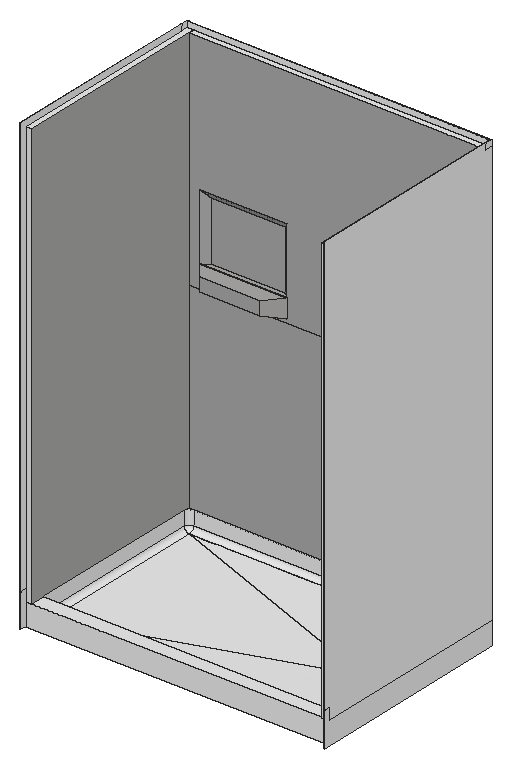
Revit family "5LBS5436.V2 L-R", category Plumbing Fixtures, Revit 2019
Family settings
  Round Connector Dimension = Use Diameter
  Part Type = Normal
  OmniClass Number = 23.45.05.14.17
  OmniClass Title = Showers
  Work Plane-Based = No
  Always vertical = Yes
  Cut with Voids When Loaded = No
  Shared = No
  Room Calculation Point = No
Parameters (values of type "5LBS5436.V2")
  Unit Width = 54"
  Unit Height = 80 1/2"
  Unit Depth = 37"
  URL = "http://www.bestbath.com/"
  Type Comments = "Remodeler"
  Model = "5LBS5436.V2"
  Material [instance] = Best Bath Gelcoat Fiberglass - 4 x 8 Subway Tile
  Manufacturer = "Best Bath Systems"
  Keynote = "22 40 00.B3"
  Description = "4 x 8 Subway Tile Finish"
  Assembly Code = "D2010710"
Reference planes (in)
  plane 1 "Back": y = -0.5
  plane 2: z = 0
  plane 3 "Left": x = 0
  plane 4: x = 54
  plane 5: y = -36.5
  plane 6: z = 79.5
  plane 7: z = 0.625
  plane 8: z = 80.5
  plane 9: x = 45.5
  plane 10: y = -1.75
  plane 11: y = -18.5
  plane 12: z = 0.25
  plane 13: z = 4
  plane 14: y = -37.5
  plane 15: z = 39.5
  plane 16: z = 43.5
Forms (in)
  Extrusion 1, solid, material "Best Bath Gelcoat Fiberglass - Smooth"
    sketch origin (0, 0, 0) x (1, 0, 0) y (0, 1, 0)
      loop
        line (0, -0.5) -> (0, -36.5) -> (54, -36.5) -> (54, -0.5) -> (0, -0.5)
      loop
        circle (45.5, -18.5) r 2.0625
    from 0 to 0.625
  Extrusion 2, solid, material "Best Bath Gelcoat Fiberglass - Smooth"
    sketch origin (0, 0, 0) x (1, 0, 0) y (0, 1, 0)
      loop
        line (1.25, -0.5) -> (1.25, -1.75) -> (52.75, -1.75) -> (52.75, -0.5) -> (1.25, -0.5)
    from 39.5 to 79.5
  Extrusion 3, solid, material "Best Bath Gelcoat Fiberglass - Smooth"
    sketch origin (0, 0, 0) x (1, 0, 0) y (0, 1, 0)
      loop
        line (0, -36.5) -> (1.25, -36.5) -> (1.25, -2.75)
        arc (1.25, -2.75) -> (1.54289, -2.04289) -> (2.25, -1.75) r 1
        line (2.25, -1.75) -> (51.75, -1.75)
        arc (51.75, -1.75) -> (52.45711, -2.04289) -> (52.75, -2.75) r 1
        line (52.75, -2.75) -> (52.75, -36.5) -> (54, -36.5) -> (54, -0.5) -> (0, -0.5) -> (0, -36.5)
    from 0 to 4
  Extrusion 4, solid, material "Best Bath Gelcoat Fiberglass - Smooth"
    sketch origin (0, 0, 0) x (1, 0, 0) y (0, 1, 0)
      loop
        line (0, -36.5) -> (1.25, -36.5) -> (1.25, -0.5) -> (0, -0.5) -> (0, -36.5)
      loop
        line (52.75, -36.5) -> (54, -36.5) -> (54, -0.5) -> (52.75, -0.5) -> (52.75, -36.5)
    from 4 to 79.5
  Sweep 5, solid, material "Best Bath Gelcoat Fiberglass - Smooth"
    path origin (0, 0, 0) x (1, 0, 0) y (0, 1, 0)
      loop
        line (1.25, -36.5) -> (1.25, -2.75)
        arc (1.25, -2.75) -> (1.54289, -2.04289) -> (2.25, -1.75) r 1
        line (2.25, -1.75) -> (51.75, -1.75)
        arc (51.75, -1.75) -> (52.45711, -2.04289) -> (52.75, -2.75) r 1
        line (52.75, -2.75) -> (52.75, -36.5)
    profile origin (1.25, -19.625, 0) x (-1, 0, 0) y (0, 0, 1)
      loop
        line (0, 0.625) -> (0, 1.525)
        arc (0, 1.525) -> (-0.2636, 0.8886) -> (-0.9, 0.625) r 0.9
        line (-0.9, 0.625) -> (0, 0.625)
  Blend 6, void
    base sketch origin (0, 0, 0) x (1, 0, 0) y (0, 1, 0)
      loop
        line (2.25, -33.5) -> (51.75, -33.5) -> (51.75, -2.75) -> (2.25, -2.75) -> (2.25, -33.5)
    top sketch origin (0, 0, 0) x (1, 0, 0) y (0, 1, 0)
      loop
        circle (45.5, -18.5) r 0.05278
    from 0.625 to 0.25
  Sweep 7, solid, material "Best Bath Gelcoat Fiberglass - Smooth"
    path origin (0, 0, 0) x (1, 0, 0) y (0, 1, 0)
      loop
        line (1.25, -36.5) -> (52.75, -36.5)
    profile origin (27, -36.5, 0) x (0, 1, 0) y (0, 0, 1)
      loop
        line (0, 0) -> (3.11628, 0) -> (2.37209, 4) -> (0, 4) -> (0, 0)
  Extrusion 8, solid, material "Best Bath Gelcoat Fiberglass - Smooth"
    sketch origin (0, 0, 0) x (1, 0, 0) y (0, 1, 0)
      loop
        line (0, -36.5) -> (0, -37.5) -> (0.125, -37.5) -> (0.125, -36.5) -> (0, -36.5)
      loop
        line (54, -36.5) -> (53.875, -36.5) -> (53.875, -37.5) -> (54, -37.5) -> (54, -36.5)
    from 0 to 6
  Extrusion 9, solid, material "Best Bath Gelcoat Fiberglass - Smooth"
    sketch origin (0, 0, 0) x (1, 0, 0) y (0, 1, 0)
      loop
        line (0, -0.5) -> (0, -1.75) -> (0.125, -1.75) -> (0.125, -0.625) -> (53.875, -0.625) -> (53.875, -1.75) -> (54, -1.75) -> (54, -0.5) -> (0, -0.5)
    from 79.5 to 80.5
  Extrusion 10, solid, material "Best Bath Gelcoat Fiberglass - Smooth"
    sketch origin (0, 0, 0) x (1, 0, 0) y (0, 1, 0)
      loop
        line (0, -37.5) -> (0.125, -37.5) -> (0.125, -1.75) -> (0, -1.75) -> (0, -37.5)
      loop
        line (54, -37.5) -> (54, -1.75) -> (53.875, -1.75) -> (53.875, -37.5) -> (54, -37.5)
    from 4 to 80.5
  Blend 11, void
    base sketch origin (-5, -38.5, 3.5) x (1, 0, 0) y (0, 0, 1)
      loop
        line (55.75, 40) -> (55.75, 51.75) -> (40.25, 51.75) -> (40.25, 40) -> (55.75, 40)
    top sketch origin (-5, -38.5, 3.5) x (1, 0, 0) y (0, 0, 1)
      loop
        line (54.5, 40) -> (54.5, 50.5) -> (41.5, 50.5) -> (41.5, 40) -> (54.5, 40)
    from -36.75 to -37.75
  Blend 12, solid, material "Best Bath Gelcoat Fiberglass - Smooth"
    base sketch origin (-5, -38, 3.5) x (1, 0, 0) y (0, 0, 1)
      loop
        line (40.25, 40) -> (40.25, 36.625) -> (55.75, 36.625) -> (55.75, 40) -> (40.25, 40)
    top sketch origin (-5, -38, 3.5) x (1, 0, 0) y (0, 0, 1)
      loop
        line (53.25, 40) -> (42.75, 40) -> (42.75, 37.625) -> (53.25, 37.625) -> (53.25, 40)
    from -36.25 to -33.25
  Blend 13, void
    base sketch origin (-37, -38.5, 3.5) x (1, 0, 0) y (0, 0, 1)
      loop
        line (40.25, 40) -> (55.75, 40) -> (55.75, 51.75) -> (40.25, 51.75) -> (40.25, 40)
    top sketch origin (-37, -38.5, 3.5) x (1, 0, 0) y (0, 0, 1)
      loop
        line (41.5, 40) -> (54.5, 40) -> (54.5, 50.5) -> (41.5, 50.5) -> (41.5, 40)
    from -36.75 to -37.75
  Blend 14, solid, material "Best Bath Gelcoat Fiberglass - Smooth"
    base sketch origin (-37, -38, 3.5) x (1, 0, 0) y (0, 0, 1)
      loop
        line (55.75, 40) -> (40.25, 40) -> (40.25, 36.625) -> (55.75, 36.625) -> (55.75, 40)
    top sketch origin (-37, -38, 3.5) x (1, 0, 0) y (0, 0, 1)
      loop
        line (42.62431, 40) -> (42.62431, 37.625) -> (53.25, 37.625) -> (53.25, 40) -> (42.62431, 40)
    from -36.25 to -33.25
  Extrusion 15, solid, material "Best Bath Gelcoat Fiberglass - Smooth"
    sketch origin (0, 0, 0) x (1, 0, 0) y (0, 1, 0)
      loop
        line (1.25, -0.5) -> (1.25, -1.75) -> (52.75, -1.75) -> (52.75, -0.5) -> (1.25, -0.5)
    from 4 to 39.5
Cuts and joins
  Blend 6 cuts Extrusion 1
  Blend 6 cuts Extrusion 3
  Blend 6 cuts Sweep 5
  joined: Extrusion 1, Extrusion 3, Sweep 5, Sweep 7, Extrusion 8
  Blend 11, Blend 13 cuts Extrusion 2
  Blend 11, Blend 13 cuts Extrusion 9
  joined: Extrusion 2, Extrusion 9
  Blend 11 cuts Extrusion 4
  Blend 11 cuts Extrusion 10
  joined: Extrusion 4, Extrusion 10
Dimensions and locks (in)
  "Unit Width": plane 3 "Left" to plane 4
  locked: plane 7 to level at 0.625
  locked: plane 8 to plane 6 at 1
  "Unit Height": plane 8 to level
  locked: plane 1 "Back" to plane 11 at 18
  locked: plane 10 to plane 1 "Back" at 1.25
  locked: plane 7 to plane 12 at 0.375
  locked: plane 13 to level at 4
  locked: plane 5 to plane 14 at 1
  "Unit Depth": plane 14 to plane 1 "Back"
  locked: plane 15 to plane 13 at 35.5
  locked: plane 16 to level at 43.5
  plane 3 "Left" to plane 9 = 45 1/2"
  plane 9 to plane 4 = 8 1/2"
  Blend 14 to Blend 12 sketch curve = 16 1/2"
  aligned and locked: level to plane 2
  aligned and locked: Extrusion 1 to plane 7
  aligned and locked: plane 5 to Extrusion 1 sketch curve
  aligned and locked: plane 4 to Extrusion 1 sketch curve
  aligned and locked: Extrusion 2 sketch curve to Extrusion 1
  aligned and locked: Extrusion 2 sketch curve to plane 10
  aligned and locked: plane 11 to Extrusion 1 sketch curve
  aligned and locked: plane 9 to Extrusion 1 sketch curve
  aligned and locked: plane 13 to Extrusion 3
  aligned and locked: plane 6 to Extrusion 2
  aligned and locked: plane 6 to Extrusion 4
  aligned and locked: Sweep 5 sketch curve to plane 7
  aligned and locked: plane 11 to Blend 6 sketch curve
  aligned and locked: plane 9 to Blend 6 sketch curve
  aligned and locked: Extrusion 1 to Blend 6
  aligned and locked: Blend 6 to plane 12
  aligned and locked: Extrusion 9 to plane 6
  aligned and locked: plane 8 to Extrusion 9
  aligned and locked: Extrusion 10 to plane 13
  aligned and locked: plane 8 to Extrusion 10
  aligned and locked: plane 15 to Extrusion 15
  aligned and locked: Extrusion 2 to plane 15
  aligned and locked: Extrusion 4 to plane 13
  aligned and locked: plane 13 to Sweep 7 sketch curve
  aligned and locked: Extrusion 15 to cut or joined group of Extrusion 1, Extrusion 3, Sweep 5, Blend 6, Sweep 7, Extrusion 8
Automatic sketch dimensions
  Extrusion 1 sketch curve to plane 3 "Left" = 0"
  plane 1 "Back" to Extrusion 1 sketch curve = 0"
  plane 1 "Back" to Extrusion 3 sketch curve = 0"
  Extrusion 3 sketch curve to plane 3 "Left" = 0"
  Extrusion 3 sketch curve to plane 5 = 0"  (x2)
  Extrusion 3 sketch curve to plane 10 = 0"
  Extrusion 3 sketch curve to plane 4 = 0"
  plane 4 to Extrusion 3 sketch curve = 1 1/4"
  Extrusion 3 sketch curve to plane 10 = 1"
  plane 3 "Left" to Extrusion 3 sketch curve = 1 1/4"
  Extrusion 3 sketch curve to Extrusion 3 sketch curve = 1"
  Sweep 5 sketch curve to plane 10 = 0"
  plane 3 "Left" to Sweep 5 sketch curve = 1 1/4"
  Sweep 5 sketch curve to plane 10 = 1"  (x2)
  Sweep 5 sketch curve to plane 5 = 0"  (x2)
  plane 4 to Sweep 5 sketch curve = 2 1/4"
  Sweep 5 sketch curve to profile plane = 0"
  profile plane to Sweep 5 sketch curve = 0.9"
  Sweep 7 sketch curve to plane 5 = 0"
  plane 3 "Left" to Sweep 7 sketch curve = 1 1/4"
  plane 4 to Sweep 7 sketch curve = 1 1/4"
  Blend 6 sketch curve to plane 10 = 1"
  plane 3 "Left" to Blend 6 sketch curve = 2 1/4"
  plane 5 to Blend 6 sketch curve = 3"
  plane 4 to Blend 6 sketch curve = 2 1/4"
  Extrusion 8 sketch curve to plane 3 "Left" = 0"
  Extrusion 8 sketch curve to plane 14 = 0"  (x2)
  Extrusion 8 sketch curve to plane 5 = 0"  (x2)
  Extrusion 8 sketch curve to plane 4 = 0"
  plane 3 "Left" to Extrusion 8 sketch curve = 1/8"
  plane 4 to Extrusion 8 sketch curve = 1/8"
  plane 1 "Back" to Extrusion 4 sketch curve = 0"  (x2)
  Extrusion 4 sketch curve to plane 3 "Left" = 0"
  Extrusion 4 sketch curve to plane 5 = 0"  (x2)
  Extrusion 4 sketch curve to plane 4 = 0"
  plane 3 "Left" to Extrusion 4 sketch curve = 1 1/4"
  plane 4 to Extrusion 4 sketch curve = 1 1/4"
  plane 3 "Left" to Extrusion 2 sketch curve = 1 1/4"
  plane 4 to Extrusion 2 sketch curve = 1 1/4"
  Extrusion 10 sketch curve to plane 3 "Left" = 0"
  Extrusion 10 sketch curve to plane 14 = 0"  (x2)
  Extrusion 10 sketch curve to plane 10 = 0"  (x2)
  Extrusion 10 sketch curve to plane 4 = 0"
  plane 3 "Left" to Extrusion 10 sketch curve = 1/8"
  plane 4 to Extrusion 10 sketch curve = 1/8"
  plane 1 "Back" to Extrusion 9 sketch curve = 0"
  Extrusion 9 sketch curve to plane 3 "Left" = 0"
  Extrusion 9 sketch curve to plane 10 = 0"  (x2)
  Extrusion 9 sketch curve to plane 4 = 0"
  plane 3 "Left" to Extrusion 9 sketch curve = 1/8"
  Extrusion 9 sketch curve to Extrusion 9 sketch curve = 1/8"
  plane 1 "Back" to Extrusion 9 sketch curve = 1/8"
  Blend 14 sketch curve to plane 16 = 0"  (x2)
  Blend 14 sketch curve to plane 16 = 2 3/8"
  plane 3 "Left" to Blend 14 sketch curve = 5.62431"
  Blend 14 sketch curve to Blend 14 sketch curve = 10.62569"
  plane 1 "Back" to Extrusion 15 sketch curve = 0"
  plane 3 "Left" to Extrusion 15 sketch curve = 1 1/4"
  Extrusion 15 sketch curve to plane 10 = 0"
  plane 3 "Left" to Extrusion 15 sketch curve = 52 3/4"
  plane 3 "Left" to Blend 14 sketch curve = 3 1/4"
  Blend 14 sketch curve to plane 16 = 3 3/8"
  Blend 14 sketch curve to Blend 14 sketch curve = 15 1/2"
  Blend 13 sketch curve to plane 16 = 0"  (x2)
  plane 3 "Left" to Blend 13 sketch curve = 4 1/2"
  Blend 13 sketch curve to Blend 13 sketch curve = 13"
  plane 3 "Left" to Blend 13 sketch curve = 3 1/4"
  Blend 13 sketch curve to Blend 13 sketch curve = 15 1/2"
  Blend 12 sketch curve to plane 16 = 0"  (x2)
  plane 4 to Blend 12 sketch curve = 3 1/4"
  Blend 12 sketch curve to plane 16 = 3 3/8"
  plane 9 to Blend 12 sketch curve = 7 3/4"
  Blend 12 sketch curve to plane 9 = 2 3/4"
  Blend 12 sketch curve to plane 16 = 2 3/8"
  Blend 11 sketch curve to plane 16 = 0"  (x2)
  plane 9 to Blend 11 sketch curve = 10 1/4"
  plane 4 to Blend 11 sketch curve = 3 1/4"
  plane 9 to Blend 11 sketch curve = 9"
  Blend 11 sketch curve to plane 9 = 4"
  Blend 11 sketch curve to Blend 11 sketch curve = 11 3/4"
  Blend 11 sketch curve to Blend 11 sketch curve = 10 1/2"
  Blend 13 sketch curve to Blend 13 sketch curve = 11 3/4"
  Blend 13 sketch curve to Blend 13 sketch curve = 10 1/2"
  Sweep 7 sketch curve to profile plane = 0"
  Sweep 7 sketch curve to level = 0"
  Sweep 7 sketch curve to profile plane = 2.37209"
  Sweep 7 sketch curve to profile plane = 3.11628"
  radius of Extrusion 1 sketch curve = 2 1/16"
  radius of Blend 6 sketch curve = 0.05278"
